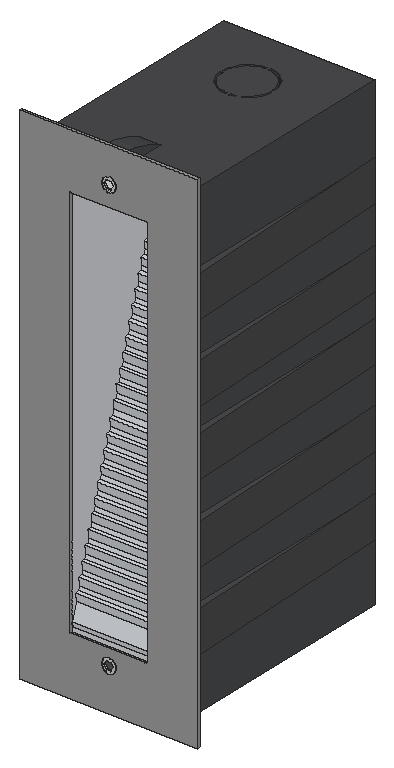
Revit family "WALL LIGHT 05_CM2C.1", category Luminarias, Revit 2019
Family settings
  Cota de conector redondo = Diámetro de uso
  Tipo de pieza = Normal
  Se basa en plano de trabajo = Sí
  Siempre vertical = No
  Corte con vacíos al cargar = No
  Origen de luz = Sí
  Compartido = No
  Punto de cálculo de habitación = No
Parameters (values of type "WALL LIGHT 05_CM2C.1")
  Ángulo de inclinación = 90.00°
  Ángulo de enfoque = 30.00°
  Ángulo de campo de foco = 90.00°
  Zone [instance] = ""
  Watt per fixture = 2.7
  Wattage = 2.7 W
  built-in parameter 1150107 = 6000 (stored number, unit not read)
  built-in parameter 1150110 = 1 (stored number, unit not read)
  built-in parameter 1150109 = 1 (stored number, unit not read)
  built-in parameter 1150112 = 1 (stored number, unit not read)
  built-in parameter 1150113 = 1 (stored number, unit not read)
  built-in parameter 1114218 = 1 (stored number, unit not read)
  Keynote = ""
  built-in parameter 1150137 = (empty or 0)
  built-in parameter 1150132 = (empty or 0)
  Modelo = "CM2C.1"
  Lamp = ""
  Longitud de símbolo de origen de luz = 500 mm
  Longitud [instance] = 1000 mm
  built-in parameter 1150105 = 213.96 (stored number, unit not read)
  built-in parameter 1150102 = (empty or 0)
  built-in parameter 1150106 = 2.1396 (stored number, unit not read)
  Lumens = 63.99 lm
  Color Filter = 16777215
  built-in parameter 1114217 = 1 (stored number, unit not read)
  built-in parameter 1150139 = (empty or 0)
  Fabricante = "BRILLANT"
  Default Elevation = 0 mm
  built-in parameter 1150104 = 2.2018 (stored number, unit not read)
  Descripción = "LUMINARIA TIPO RECTANGULAR PARA EMPOTRAR EN MURO CON CUERPO DE ALUMINIO FUNDIDO A PRESION CUBIERTO CON POLVO GRIS OSCURO, IP 65 USO PARA INTERIORES O EXTERIORES CON CUERPO DE 0.8KG, CUENTA CON 1 LED CON UNA POTENCIA TOTAL DE 2.7W, A UNA TEMPERATURA EN BLANCO FRIO 6000K CON 64 LUMENES, EFICIENCIA DE 23.7LM/W, IRC 80, IK10, APERTURA A 30 GRADOS EN STOCK, 40mA EN CORRIENTE DE OPERACIÓN, ALIMENTADA A 100-240V."
  built-in parameter 1150115 = 1 (stored number, unit not read)
  built-in parameter 1150114 = 1 (stored number, unit not read)
  Comentarios de vataje = "100-240V"
  built-in parameter 1150138 = (empty or 0)
  built-in parameter 1150134 = 5
  Circuit [instance] = ""
  Dimming Lamp Color Temperature Shift = (empty or 0)
  built-in parameter 1150133 = 10 (stored number, unit not read)
Reference planes
  plane 1 "Centro (Frontal/Posterior)": y = 0
  plane 2: z = 0
  plane 3 "Centro (Izquierda/Derecha)": x = 0
Forms (mm)
  Extrusion 1, solid, material "Acabado Blanco"
    sketch origin (0, 0, 0) x (1, 0, 0) y (0, 0, 1)
      loop
        line (-34.004, 195) -> (-34.004, 0) -> (33.996, 0) -> (33.996, 195) -> (-34.004, 195)
      loop
        line (-15, 173.7) -> (-15, 22.305) -> (15, 22.305) -> (15, 173.7) -> (-15, 173.7)
      loop
        circle (0, 16.302) r 2.697
      loop
        circle (0, 181.205) r 2.697
    from -1.076 to 0
  Extrusion 2, solid, material "Plastico"
    sketch origin (0, 0, 0) x (1, 0, 0) y (0, 0, 1)
      loop
        line (-28.918, 187.5) -> (-28.918, 7.5) -> (28.911, 7.5) -> (28.911, 187.5) -> (-28.918, 187.5)
      loop
        line (-27.718, 186.3) -> (-27.718, 8.7) -> (27.711, 8.7) -> (27.711, 186.3) -> (-27.718, 186.3)
    from -89.915 to -1.076
  Extrusion 3, solid, material "Plastico"
    sketch origin (0, 0, 0) x (1, 0, 0) y (0, 0, 1)
      loop
        line (-28.918, 187.5) -> (-28.918, 7.5) -> (28.911, 7.5) -> (28.911, 187.5) -> (-28.918, 187.5)
    from -90.976 to -89.915
  Extrusion 4, solid
    sketch origin (-5.531, 0, 17.605) x (0, 0, 1) y (0, -1, 0)
      loop
        line (155.869, -48.145) -> (157.595, -48.145) -> (157.595, -1.076) -> (156.095, -1.076) -> (156.095, -46.645) -> (153.369, -45.806) -> (153.097, -44.244) -> (150.032, -44.779) -> (148.552, -44.324) -> (148.28, -42.762) -> (145.215, -43.297) -> (143.736, -42.842) -> (143.463, -41.28) -> (140.398, -41.815) -> (138.919, -41.36) -> (138.646, -39.798) -> (135.581, -40.333) -> (134.102, -39.877) -> (133.829, -38.316) -> (130.764, -38.85) -> (128.835, -38.257) -> (128.562, -36.695) -> (125.497, -37.23) -> (124.018, -36.774) -> (123.745, -35.213) -> (120.68, -35.747) -> (119.201, -35.292) -> (118.928, -33.73) -> (115.863, -34.265) -> (114.384, -33.81) -> (114.112, -32.248) -> (111.046, -32.783) -> (109.567, -32.328) -> (109.295, -30.766) -> (106.229, -31.301) -> (104.75, -30.846) -> (104.478, -29.284) -> (101.413, -29.819) -> (99.934, -29.364) -> (99.661, -27.802) -> (96.596, -28.337) -> (95.117, -27.882) -> (94.844, -26.32) -> (91.779, -26.855) -> (90.3, -26.399) -> (90.027, -24.838) -> (86.962, -25.372) -> (85.483, -24.917) -> (85.21, -23.355) -> (82.145, -23.89) -> (80.666, -23.435) -> (80.394, -21.873) -> (77.328, -22.408) -> (75.849, -21.953) -> (75.577, -20.391) -> (72.512, -20.926) -> (70.582, -20.332) -> (70.309, -18.77) -> (67.244, -19.305) -> (65.765, -18.85) -> (65.493, -17.288) -> (62.427, -17.823) -> (60.948, -17.368) -> (60.676, -15.806) -> (57.611, -16.341) -> (56.131, -15.886) -> (55.859, -14.324) -> (52.794, -14.859) -> (51.315, -14.403) -> (51.042, -12.842) -> (47.977, -13.376) -> (46.498, -12.921) -> (46.225, -11.36) -> (43.16, -11.894) -> (41.681, -11.439) -> (41.408, -9.877) -> (38.343, -10.412) -> (36.864, -9.957) -> (36.592, -8.395) -> (33.526, -8.93) -> (32.047, -8.475) -> (31.775, -6.913) -> (28.709, -7.448) -> (27.23, -6.993) -> (26.958, -5.431) -> (23.893, -5.966) -> (22.414, -5.511) -> (22.141, -3.949) -> (19.076, -4.484) -> (17.597, -4.028) -> (17.324, -2.467) -> (14.259, -3.001) -> (8.003, -1.076) -> (4.748, -1.644) -> (155.869, -48.145)
    from -9.469 to 20.531
  Extrusion 5, solid
    sketch origin (0, 0, 0) x (1, 0, 0) y (0, 0, 1)
      loop
        line (-16.5, 175.2) -> (-16.5, 22.305) -> (16.5, 22.305) -> (16.5, 175.2) -> (-16.5, 175.2)
      loop
        line (-15, 23.805) -> (15, 23.805) -> (15, 173.7) -> (-15, 173.7) -> (-15, 23.805)
    from -1.076 to -48.145
  Extrusion 6, solid, material "Acero Inoxidable"
    sketch origin (0, 0, 0) x (1, 0, 0) y (0, 0, 1)
      loop
        line (-0.917, 182.793) -> (-1.834, 181.205) -> (-0.917, 179.616) -> (0.917, 179.616) -> (1.834, 181.205) -> (0.917, 182.793) -> (-0.917, 182.793)
      loop
        circle (0, 181.205) r 2.697
      loop
        line (0.917, 17.891) -> (-0.917, 17.891) -> (-1.834, 16.302) -> (-0.917, 14.713) -> (0.917, 14.713) -> (1.834, 16.302) -> (0.917, 17.891)
      loop
        circle (0, 16.302) r 2.697
    from -0.582 to 0
  Extrusion 7, solid, material "Plastico"
    sketch origin (-2.463, 0, 0) x (0, 1, 0) y (0, 0, -1)
      loop
        line (20.019, -187.5) -> (1.076, -187.5) -> (1.076, -192.5)
        arc (1.076, -192.5) -> (10.863, -191.193) -> (20.019, -187.5) r 39.501
    from -6.317 to 1.522
  Extrusion 8, solid, material "Plastico"
    sketch origin (-2.463, 0, 195) x (0, 1, 0) y (0, 0, -1)
      loop
        arc (20.019, 187.5) -> (10.863, 191.193) -> (1.076, 192.5) r 39.501
        line (1.076, 192.5) -> (1.076, 187.5) -> (20.019, 187.5)
    from -6.317 to 1.522
  Extrusion 9, solid, material "Plastico"
    sketch origin (0, 0, 86.531) x (0, -1, 0) y (1, 0, 0)
      loop
        line (-90.976, 28.911) -> (-1.076, 28.911) -> (-1.076, 32.051) -> (-90.976, 28.911)
      loop
        line (-92.098, -28.918) -> (-2.198, -32.059) -> (-2.198, -28.918) -> (-92.098, -28.918)
    from 3.233 to 19.034
  Extrusion 10, solid, material "Plastico"
    sketch origin (0, 0, 111.531) x (0, -1, 0) y (1, 0, 0)
      loop
        line (-90.976, 28.911) -> (-1.076, 28.911) -> (-1.076, 32.051) -> (-90.976, 28.911)
      loop
        line (-92.098, -28.918) -> (-2.198, -32.059) -> (-2.198, -28.918) -> (-92.098, -28.918)
    from 3.233 to 19.034
  Extrusion 11, solid, material "Plastico"
    sketch origin (0, 0, 141.531) x (0, -1, 0) y (1, 0, 0)
      loop
        line (-90.976, 28.911) -> (-1.076, 28.911) -> (-1.076, 32.051) -> (-90.976, 28.911)
      loop
        line (-92.098, -28.918) -> (-2.198, -32.059) -> (-2.198, -28.918) -> (-92.098, -28.918)
    from 3.233 to 19.034
  Extrusion 12, solid, material "Plastico"
    sketch origin (0, 0, 56.531) x (0, -1, 0) y (1, 0, 0)
      loop
        line (-90.976, 28.911) -> (-1.076, 28.911) -> (-1.076, 32.051) -> (-90.976, 28.911)
      loop
        line (-92.098, -28.918) -> (-2.198, -32.059) -> (-2.198, -28.918) -> (-92.098, -28.918)
    from 3.233 to 19.034
  Extrusion 13, solid, material "Plastico"
    sketch origin (0, 0, 26.531) x (0, -1, 0) y (1, 0, 0)
      loop
        line (-90.976, 28.911) -> (-1.076, 28.911) -> (-1.076, 32.051) -> (-90.976, 28.911)
      loop
        line (-92.098, -28.918) -> (-2.198, -32.059) -> (-2.198, -28.918) -> (-92.098, -28.918)
    from 3.233 to 19.034
  Extrusion 14, void
    sketch origin (0, 0, 0) x (1, 0, 0) y (0, 1, 0)
      loop
        line (-9.271, 65.853) -> (-10.072, 65.853)
        arc (-10.072, 65.853) -> (-7.199, 59.36) -> (-0.761, 56.368) r 10.089
        line (-0.761, 56.368) -> (-0.761, 57.171)
        arc (-0.761, 57.171) -> (-6.634, 59.926) -> (-9.271, 65.853) r 9.289
      loop
        line (-0.761, 75.686) -> (-0.761, 76.488)
        arc (-0.761, 76.488) -> (-7.199, 73.496) -> (-10.072, 67.003) r 10.089
        line (-10.072, 67.003) -> (-9.271, 67.003)
        arc (-9.271, 67.003) -> (-6.634, 72.93) -> (-0.761, 75.686) r 9.289
      loop
        arc (0.761, 75.686) -> (6.634, 72.93) -> (9.271, 67.003) r 9.289
        line (9.271, 67.003) -> (10.072, 67.003)
        arc (10.072, 67.003) -> (7.199, 73.496) -> (0.761, 76.488) r 10.089
        line (0.761, 76.488) -> (0.761, 75.686)
      loop
        line (0.761, 57.171) -> (0.761, 56.368)
        arc (0.761, 56.368) -> (7.199, 59.36) -> (10.072, 65.853) r 10.089
        line (10.072, 65.853) -> (9.271, 65.853)
        arc (9.271, 65.853) -> (6.634, 59.926) -> (0.761, 57.171) r 9.289
    from 7.5 to 8.7
  Extrusion 15, void
    sketch origin (0, 0, 197.505) x (0, -1, 0) y (1, 0, 0)
      loop
        line (-65.853, -9.271) -> (-65.853, -10.072)
        arc (-65.853, -10.072) -> (-59.36, -7.199) -> (-56.368, -0.761) r 10.089
        line (-56.368, -0.761) -> (-57.171, -0.761)
        arc (-57.171, -0.761) -> (-59.926, -6.634) -> (-65.853, -9.271) r 9.289
      loop
        line (-75.686, -0.761) -> (-76.488, -0.761)
        arc (-76.488, -0.761) -> (-73.496, -7.199) -> (-67.003, -10.072) r 10.089
        line (-67.003, -10.072) -> (-67.003, -9.271)
        arc (-67.003, -9.271) -> (-72.93, -6.634) -> (-75.686, -0.761) r 9.289
      loop
        arc (-75.686, 0.761) -> (-72.93, 6.634) -> (-67.003, 9.271) r 9.289
        line (-67.003, 9.271) -> (-67.003, 10.072)
        arc (-67.003, 10.072) -> (-73.496, 7.199) -> (-76.488, 0.761) r 10.089
        line (-76.488, 0.761) -> (-75.686, 0.761)
      loop
        line (-57.171, 0.761) -> (-56.368, 0.761)
        arc (-56.368, 0.761) -> (-59.36, 7.199) -> (-65.853, 10.072) r 10.089
        line (-65.853, 10.072) -> (-65.853, 9.271)
        arc (-65.853, 9.271) -> (-59.926, 6.634) -> (-57.171, 0.761) r 9.289
    from -11.205 to -10.005
Cuts and joins
  Extrusion 14, Extrusion 15 cuts Extrusion 2
  Extrusion 14, Extrusion 15 cuts Extrusion 3
  joined: Extrusion 2, Extrusion 3
Dimensions and locks
  plane 1 "Centro (Frontal/Posterior)" to Extrusion 2 = 89.915 mm
  cut or joined group of Extrusion 2, Extrusion 3, Extrusion 14, Extrusion 15 to cut or joined group of Extrusion 2, Extrusion 3, Extrusion 14, Extrusion 15 = 57.829 mm
  aligned and locked: level to plane 2
  aligned and locked: Extrusion 2 to Extrusion 3
Connectors
  electrical at (-0.004, 90.976, 97.5)
    settings: on cut or joined group of Extrusion 2, Extrusion 3, Extrusion 14, Extrusion 15, index 1, voltage 240 V, apparent load 0 VA, apparent load phase1 0 VA, apparent load phase2 0 VA, apparent load phase3 0 VA, power factor 1, load classification "Otro", number of poles 1, system type 31, power factor state 1, is connector primary yes, connector utility no, sub classification motor no, connector description ""
